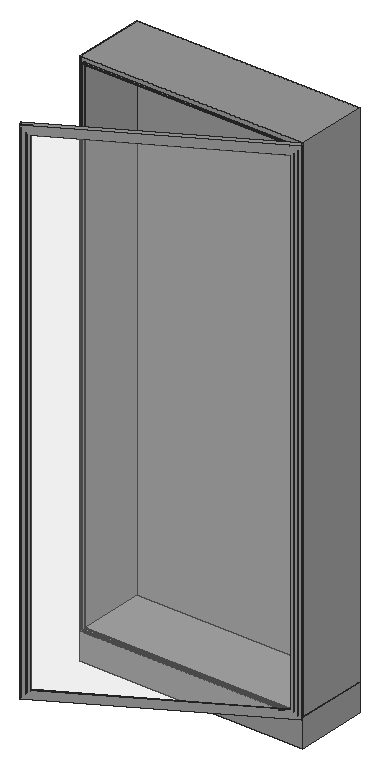
Revit family "Hager-Univers-IP55-D275-H1950-Cl.I-Steel_encl-NoHosted-CH-it", category Electrical Equipment, Revit 2020
Family settings
  Panel Configuration = Two Columns, Circuits Across
  Round Connector Dimension = Use Diameter
  Part Type = Panelboard
  Work Plane-Based = Yes
  Always vertical = Yes
  Cut with Voids When Loaded = No
  Shared = No
  Room Calculation Point = No
Parameters (values of type "montaggio a pavimento IP55 L800 A1950 P275  - FR23K1")
  Width Control [instance] = if([EF000008 - Larghezza] > Min Width, [EF000008 - Larghezza], Min Width)  # 800 mm
  Type Comments = [HG000003 - Gamma]  # "Univers"
  Thickness Door [instance] = if([EF009171 - spessore materiale porta/coperchio] > 3 mm, 3 mm, [EF009171 - spessore materiale porta/coperchio])  # 1.5 mm
  Seal Frame Offset [instance] = 17 mm  # constant formula
  Plinth Visibility [instance] = [HG000027 - Altezza dello zoccolo] > 0 mm  # yes
  Min Width [instance] = 100 mm  # constant formula
  Min Depth [instance] = (2 * [EF009170 - spessore materiale scatola]) + 1 mm  # 4 mm
  Min Height [instance] = 100 mm  # constant formula
  Internal Frame Depth [instance] = (Door System Depth * 0.5)  # 9 mm
  Panel Name [instance] = ""  # (empty or 0)
  Model = ""
  HG000027 - Altezza dello zoccolo = 100 mm
  HG000026 - A pavimento = yes
  HG000024 - Altezza della sezione inferiore = 600 mm
  HG000023 - Custodia a doppia sezione = no
  HG000016 - Visibilità delle porte nella vista 3D [instance] = yes
  HG000015 - Visibilità attraverso la porta [instance] = no
  HG000014 - Porta destra [instance] = yes
  HG000013 - Porta sinistra [instance] = not([HG000014 - Porta destra])  # no
  HG000012 - Angolo di apertura della porta [instance] = 30.00°
  HG000010 - Porte asimmetriche = no
  HG000009 - Porta doppia a battente = no
  HG000006 - Ad incasso = no
  HG000004 - Codice produttore = "FR23K1"
  HG000003 - Gamma = "Univers"
  HG000002 - Con porta = yes
  Frame Offset Bottom [instance] = 10 mm  # constant formula
  Frame Offset [instance] = 15 mm  # constant formula
  EF015940 - Coprire con rilascio di sovrapressione = no
  EF011959 - tipo di protezione (NEMA) = ""
  EF009554 - numero delle aperture per la piastra della flangia = 6
  EF009212 - esecuzione coperchio = "EV000116 - chiuso"
  EF009171 - spessore materiale porta/coperchio = 1.5 mm
  EF009170 - spessore materiale scatola = 1.5 mm
  EF008873 - corrente nominale (In) = 800 A
  EF007800 - adatto per parafulmine = no
  EF006306 - con serratura = no
  EF006244 - coperchio/porta trasparente = yes
  EF005474 - grado di protezione (IP) = "EV006420 - IP55"
  EF004464 - tipo di porta = "EV002646 - singolo"
  EF004427 - numero di moduli = 432
  EF004293 - resistenza agli urti = "EV008784 - IK10"
  EF003532 - adatto per uso esterno = no
  EF002950 - Numero moduli DIN = 24
  EF001613 - Integrità del circuito = "EV000494 - senza"
  EF001596 - Attacco Lampada = "EV000179 - acciaio"
  EF001131 - profondità interna = 275 mm
  EF001088 - possibilità di applicazione = yes
  EF000437 - numero di ingressi per conduttori = 6
  EF000339 - tipo di copertura = "EV004216 - porta"
  EF000266 - numero di file = 12
  EF000218 - profondità di incasso = 0 mm
  EF000118 - con piastra di montaggio = no
  EF000116 - numero RAL = "7035"
  EF000049 - profondità = 275 mm
  EF000040 - Altezza = 1950 mm
  EF000008 - Larghezza = 800 mm
  EF000007 - colore = "EV000270 - grigio"
  EF000003 - Tipo di montaggio = "EV012274 - montaggio a pavimento"
  Door System Leaf Tolerance [instance] = 1.5 mm  # constant formula
  Door System Depth [instance] = 18 mm  # constant formula
  Door Height [instance] = Height Control - [HG000027 - Altezza dello zoccolo]  # 1850 mm
  Description = ""
  Default Elevation = 1219.2 mm
  Connector Offset [instance] = Height Control / 2  # 975 mm
  Manufacturer = "Hager"  # constant formula
  Height Control [instance] = if([EF000040 - Altezza] > Min Height, [EF000040 - Altezza], Min Height)  # 1950 mm
  Depth Control [instance] = if([EF000049 - profondità] > Min Depth, [EF000049 - profondità], Min Depth)  # 275 mm
  Bottom Top Plate Trim [instance] = 1.5 mm  # constant formula
  Plinth height Ctrl [instance] = if([HG000027 - Altezza dello zoccolo] > 0 mm, [HG000027 - Altezza dello zoccolo], 12 mm)  # 100 mm
Types (11, lengths in mm): name | Width Control | HG000010 - Porte asimmetriche | HG000009 - Porta doppia a battente | HG000004 - Codice produttore | EF009554 - numero delle aperture per la piastra della flangia | EF006244 - coperchio/porta trasparente | EF004464 - tipo di porta | EF004427 - numero di moduli | EF000437 - numero di ingressi per conduttori | EF000008 - Larghezza
  montaggio a pavimento IP55 L1050 A1950 P275  - FR24E1 | 1050 | yes | yes | "FR24E1" | 8 | no | "EV003602 - doppio" | 576 | 8 | 1050
  montaggio a pavimento IP55 L1050 A1950 P275  - FR24K1 | 1050 | yes | yes | "FR24K1" | 8 | yes | "EV003602 - doppio" | 576 | 8 | 1050
  montaggio a pavimento IP55 L1300 A1950 P275  - FR25E1 | 1300 | yes | yes | "FR25E1" | 10 | no | "EV003602 - doppio" | 720 | 10 | 1300
  montaggio a pavimento IP55 L1300 A1950 P275  - FR25K1 | 1300 | yes | yes | "FR25K1" | 10 | yes | "EV003602 - doppio" | 720 | 10 | 1300
  montaggio a pavimento IP55 L1550 A1950 P275  - FR26E1 | 1550 | yes | yes | "FR26E1" | 12 | no | "EV003602 - doppio" | 864 | 12 | 1550
  montaggio a pavimento IP55 L1550 A1950 P275  - FR26K1 | 1550 | yes | yes | "FR26K1" | 12 | yes | "EV003602 - doppio" | 864 | 12 | 1550
  montaggio a pavimento IP55 L300 A1950 P275  - FR21E1 | 300 | no | no | "FR21E1" | 2 | no | "EV002646 - singolo" | 144 | 2 | 300
  montaggio a pavimento IP55 L550 A1950 P275  - FR22E1 | 550 | no | no | "FR22E1" | 4 | no | "EV002646 - singolo" | 288 | 4 | 550
  montaggio a pavimento IP55 L550 A1950 P275  - FR22K1 | 550 | no | no | "FR22K1" | 4 | yes | "EV002646 - singolo" | 288 | 4 | 550
  montaggio a pavimento IP55 L800 A1950 P275  - FR23E1 | 800 | no | no | "FR23E1" | 6 | no | "EV002646 - singolo" | 432 | 6 | 800
  montaggio a pavimento IP55 L800 A1950 P275  - FR23K1 | 800 | no | no | "FR23K1" | 6 | yes | "EV002646 - singolo" | 432 | 6 | 800
Reference planes
  plane 1 "Center (Front/Back)": y = 0
  plane 2: z = 0
  plane 3 "Center (Left/Right)": x = 0
  plane 4: y = 0
  plane 5: y = 0
  plane 6: z = 0
  plane 7: x = -400
  plane 8: x = 400
  plane 9: x = 398.5
  plane 10: x = -398.5
  plane 11: z = 100
  plane 12: z = 101.5
  plane 13: y = -275
  plane 14: y = -1.5
  plane 15: x = 0
  plane 16: y = -257
  plane 17: y = -273.5
  plane 18: y = -255.5
  plane 19: x = -383.5
  plane 20: x = 383.5
  plane 21: z = 111.5
  plane 22: x = -383
  plane 23: x = 383
  plane 24: z = 100
  plane 25: z = 1950
  plane 26: z = 1950
  plane 27: z = 1933.5
  plane 28: z = 1948.5
Forms (mm)
  Extrusion 1, solid, material "Hager_Steel_RAL7035_Light_Grey", detail levels medium+fine
    sketch origin (-208.679, -4572, 100) x (-1, 0, 0) y (0, -1, 0)
      loop
        line (191.321, -4315) -> (-608.679, -4315) -> (-608.679, -4572) -> (191.321, -4572) -> (191.321, -4315)
    from 0 to 1850
  Extrusion 2, void
    sketch origin (-350.771, -275, 1219.2) x (1, 0, 0) y (0, 0, 1)
      loop
        line (-47.729, 729.3) -> (-47.729, -1117.7) -> (749.271, -1117.7) -> (749.271, 729.3) -> (-47.729, 729.3)
    from -19.5 to -273.5
  Extrusion 3, void
    sketch origin (-290.084, -257, 1219.2) x (1, 0, 0) y (0, 0, 1)
      loop
        line (-93.416, -1107.7) -> (673.584, -1107.7) -> (673.584, 714.3) -> (-93.416, 714.3) -> (-93.416, -1107.7)
    from 0 to -1.5
  Extrusion 4, solid, material "Hager_Steel_RAL7035_Light_Grey", visible <- "Plinth Visibility", detail levels medium+fine
    sketch origin (0, 0, 0) x (1, 0, 0) y (0, 1, 0)
      loop
        line (-400, 0) -> (-400, -257) -> (400, -257) -> (400, 0) -> (-400, 0)
    from 0 to 100 <- "Plinth height Ctrl"
  Extrusion 5, solid, material "Hager_Steel_RAL7035_Light_Grey", detail levels coarse
    sketch origin (0, 0, 0) x (1, 0, 0) y (0, 1, 0)
      loop
        line (-400, 0) -> (-400, -275) -> (400, -275) -> (400, 0) -> (-400, 0)
    from 0 to 1950 <- "Height Control"
  Sweep 6, void
    path in 3D
      loop
        line (-400, -257, 100) -> (400, -257, 100) -> (400, 0, 100) -> (-400, 0, 100) -> (-400, -257, 100)
    profile origin (-400, -128.5, 100) x (1, 0, 0) y (0, 0, 1)
      loop
        line (0, 0) -> (0, -1.5) -> (1.5, -1.5)
        arc (1.5, -1.5) -> (1.061, -0.439) -> (0, 0) r 1.5
  Extrusion 7, solid, material "Hager_Steel_RAL7035_Light_Grey", detail levels fine
    sketch origin (-400, -257, 100) x (1, 0, 0) y (0, 0, 1)
      loop
        line (16.5, 11.5) -> (783.5, 11.5) -> (783.5, 1833.5) -> (16.5, 1833.5) -> (16.5, 11.5)
      loop
        line (15, 10) -> (785, 10) -> (785, 1835) -> (15, 1835) -> (15, 10)
    from 0 to 9 <- "Internal Frame Depth"
Cuts and joins
  Extrusion 2, Extrusion 3 cuts Extrusion 1
  Sweep 6 cuts Extrusion 4
Lines and regions (mm)
  Masking region 1
    outline origin (0, 0, 0) x (1, 0, 0) y (0, 1, 0)
      loop
        line (-400, 0) -> (-400, -275) -> (400, -275) -> (400, 0) -> (-400, 0)
  Masking region 2, detail levels coarse
    outline origin (-290.084, -257, 1219.2) x (-1, 0, 0) y (0, 0, 1)
      loop
        line (-690.084, -1219.2) -> (109.916, -1219.2) -> (109.916, 730.8) -> (-690.084, 730.8) -> (-690.084, -1219.2)
  Masking region 3, detail levels coarse
    outline origin (0, 0, 0) x (0, 1, 0) y (0, 0, 1)
      loop
        line (0, 0) -> (0, 1950) -> (-275, 1950) -> (-275, 0) -> (0, 0)
  Masking region 4, visible <- "Plinth Visibility", detail levels medium+fine
    outline origin (0, 0, 0) x (0, 1, 0) y (0, 0, 1)
      loop
        line (-1.5, 100) -> (-255.5, 100)
        arc (-255.5, 100) -> (-255.939, 98.939) -> (-257, 98.5) r 1.5
        line (-257, 98.5) -> (-257, 0) -> (0, 0) -> (0, 98.5)
        arc (0, 98.5) -> (-1.061, 98.939) -> (-1.5, 100) r 1.5
  Masking region 5, detail levels medium+fine
    outline origin (0, 0, 594.038) x (0, 1, 0) y (0, 0, 1)
      loop
        line (0, -494.038) -> (0, 1355.962) -> (-257, 1355.962) -> (-257, -494.038) -> (0, -494.038)
  Masking region 6, detail levels medium+fine
    outline origin (-359.7, -257, 1211.883) x (-1, 0, 0) y (0, 0, 1)
      loop
        line (-759.7, -1111.883) -> (40.3, -1111.883) -> (40.3, 738.117) -> (-759.7, 738.117) -> (-759.7, -1111.883)
  Masking region 7, visible <- "Plinth Visibility", detail levels medium+fine
    outline origin (-320.334, -257, 1041.368) x (-1, 0, 0) y (0, 0, 1)
      loop
        line (-720.334, -1041.368) -> (79.666, -1041.368) -> (79.666, -942.868)
        arc (79.666, -942.868) -> (78.606, -942.429) -> (78.166, -941.368) r 1.5
        line (78.166, -941.368) -> (-718.834, -941.368)
        arc (-718.834, -941.368) -> (-719.273, -942.429) -> (-720.334, -942.868) r 1.5
        line (-720.334, -942.868) -> (-720.334, -1041.368)
  sketch lines
    curve 1: line (-400, 0, 100) -> (-400, -257, 100)
    curve 2: line (-400, -257, 100) -> (400, -257, 100)
    curve 3: line (400, 0, 100) -> (-400, 0, 100)
    curve 4: line (400, -257, 100) -> (400, 0, 100)
Dimensions and locks
  locked: plane 1 "Center (Front/Back)" to plane 5
  "EF009170 - spessore materiale scatola": plane 7 to plane 10
  "EF009170 - spessore materiale scatola": plane 8 to plane 9
  equal spacing: plane 7, plane 3 "Center (Left/Right)", plane 8
  "Width Control": plane 7 to plane 8
  "Depth Control": plane 4 to plane 13
  "EF009170 - spessore materiale scatola": plane 4 to plane 14
  "Height Control": plane 25 to level
  "HG000027 - Altezza dello zoccolo": plane 11 to level
  "EF009170 - spessore materiale scatola": plane 12 to plane 11
  "EF009170 - spessore materiale scatola": plane 17 to plane 13
  "EF009170 - spessore materiale scatola": plane 18 to plane 16
  "Frame Offset Bottom": plane 21 to plane 12
  "Frame Offset": plane 10 to plane 19
  "Frame Offset": plane 9 to plane 20
  "Door System Depth": plane 16 to plane 13
  "Seal Frame Offset": plane 7 to plane 22
  "Seal Frame Offset": plane 8 to plane 23
  "EF009170 - spessore materiale scatola": plane 26 to plane 28
  "Frame Offset": plane 28 to plane 27
  "Connector Offset": plane 2 to connector elem
  "Bottom Top Plate Trim": profile plane to Sweep 6 sketch curve
  "Bottom Top Plate Trim": Sweep 6 sketch curve to Sweep 6 sketch curve
  "Plinth height Ctrl": Masking region 4 sketch curve to level
  "Plinth height Ctrl": Masking region 7 sketch curve to level
  "Thickness Door": Extrusion 7 sketch curve to Extrusion 7 sketch curve  (x4)
  "Bottom Top Plate Trim": radius of Sweep 6 sketch curve
  "Bottom Top Plate Trim": radius of Masking region 4 sketch curve  (x2)
  "Bottom Top Plate Trim": radius of Masking region 7 sketch curve  (x2)
  aligned and locked: Extrusion 2 sketch curve to plane 12
  aligned and locked: Extrusion 2 sketch curve to plane 9
  aligned and locked: Extrusion 2 sketch curve to plane 10
  aligned and locked: Extrusion 2 to plane 14
  aligned and locked: Extrusion 1 sketch curve to plane 4
  aligned and locked: plane 8 to Extrusion 1 sketch curve
  aligned and locked: plane 7 to Extrusion 1 sketch curve
  aligned and locked: Extrusion 2 to plane 18
  aligned and locked: Extrusion 3 sketch curve to plane 19
  aligned and locked: plane 20 to Extrusion 3 sketch curve
  aligned and locked: Extrusion 3 to Extrusion 2
  aligned and locked: Extrusion 3 sketch curve to plane 21
  aligned and locked: plane 3 "Center (Left/Right)" to nested 1
  aligned and locked: Extrusion 1 sketch curve to plane 16
  aligned and locked: Extrusion 4 sketch curve to cut or joined group of Extrusion 1, Extrusion 2, Extrusion 3
  aligned and locked: Masking region 1 sketch curve to plane 7
  aligned and locked: Masking region 1 sketch curve to plane 5
  aligned and locked: Masking region 1 sketch curve to plane 8
  aligned and locked: Masking region 2 sketch curve to level
  aligned and locked: level to Masking region 3 sketch curve
  aligned and locked: plane 1 "Center (Front/Back)" to Masking region 3 sketch curve
  aligned and locked: plane 13 to Masking region 3 sketch curve
  aligned and locked: plane 5 to Masking region 4 sketch curve
  aligned and locked: Masking region 2 sketch curve to plane 8
  aligned and locked: Masking region 2 sketch curve to plane 7
  aligned and locked: plane 7 to nested 2
  aligned and locked: nested 2 to plane 5
  aligned and locked: plane 5 to Masking region 5 sketch curve
  aligned and locked: plane 26 to Masking region 5 sketch curve
  aligned and locked: Extrusion 5 sketch curve to plane 8
  aligned and locked: Extrusion 5 sketch curve to plane 7
  aligned and locked: Extrusion 5 sketch curve to plane 5
  aligned and locked: Extrusion 3 sketch curve to plane 27
  aligned and locked: Extrusion 2 sketch curve to plane 28
  aligned and locked: Masking region 2 to plane 25
  aligned and locked: Extrusion 4 to plane 16
  aligned and locked: profile plane to Sweep 6 sketch curve
  aligned and locked: Masking region 5 sketch curve to plane 24
  aligned and locked: level to Masking region 4 sketch curve
  aligned and locked: Masking region 1 to plane 13
  aligned and locked: nested 1 to plane 16
  aligned and locked: Masking region 3 to plane 25
  aligned and locked: plane 16 to Masking region 4 sketch curve
  aligned and locked: Masking region 5 sketch curve to plane 16
  aligned and locked: plane 24 to plane 11
  aligned and locked: plane 26 to plane 25
  aligned and locked: plane 26 to cut or joined group of Extrusion 1, Extrusion 2, Extrusion 3
  aligned and locked: nested 1 to plane 24
  aligned and locked: Extrusion 1 to Extrusion 3
  aligned and locked: Masking region 6 sketch curve to plane 8
  aligned and locked: Masking region 6 sketch curve to plane 24
  aligned and locked: Masking region 6 sketch curve to plane 7
  aligned and locked: Masking region 6 sketch curve to plane 26
  aligned and locked: Masking region 7 sketch curve to plane 7
  aligned and locked: level to Masking region 7 sketch curve
  aligned and locked: Masking region 7 sketch curve to plane 8
  aligned and locked: Extrusion 7 sketch curve to cut or joined group of Extrusion 1, Extrusion 2, Extrusion 3  (x4)
Automatic sketch dimensions
  plane 19 to Extrusion 3 sketch curve = 0 mm
  Extrusion 3 sketch curve to plane 20 = 0 mm
  Extrusion 3 sketch curve to plane 21 = 0 mm
  Extrusion 4 sketch curve to plane 7 = 0 mm
  Extrusion 4 sketch curve to plane 8 = 0 mm
  Extrusion 4 sketch curve to plane 16 = 0 mm
  Masking region 1 sketch curve to plane 13 = 0 mm
  Masking region 2 sketch curve to plane 25 = 0 mm
  Masking region 3 sketch curve to plane 25 = 0 mm
  Extrusion 5 sketch curve to plane 13 = 0 mm
  profile plane to Sweep 6 sketch curve = 0 mm
Nested families
  nested 1: "EC000058_Univers_Door" at (0, -257, 100), Double <- "HG000009 - Porta doppia a battente", Transparent <- "EF006244 - coperchio/porta trasparente", Angle <- "HG000012 - Angolo di apertura della porta", Door_Right <- "HG000014 - Porta destra", Assymetrical <- "HG000010 - Porte asimmetriche", Door <- "HG000002 - Con porta", Width_Ctrl <- "Width Control", 3d_Door <- "HG000016 - Visibilità delle porte nella vista 3D", Clearance <- "HG000015 - Visibilità attraverso la porta", Door_Left <- "HG000013 - Porta sinistra", Width <- "Width Control", Door_Depth <- "Door System Depth", Leaf_Tolerance <- "Door System Leaf Tolerance", Height <- "Door Height", Lock_Visibility <- "EF006306 - con serratura", Thickness <- "Thickness Door", type "EC000058_Univers_Door", detail levels medium+fine
    with min_wh 4 mm, Width_Ctrl 800 mm, Width 800 mm, Transparent yes, Thickness 1.5 mm, Seal_Material Hager_Rubber, Lock_Visibility no, Lock_Material Hager_Plastic_RAL9005_Jet_Black, Leaf_Width 800 mm, Leaf_Tolerance_External_Sides 0 mm, Leaf_Tolerance 1.5 mm, Leaf_Offset 0 mm, Leaf_Height 1847 mm, Leaf_2_Width 800 mm, Leaf_2_Offset 400 mm, Leaf_1_Width 800 mm, Leaf_1_Offset 400 mm, Height_Ctrl 1850 mm, Height 1850 mm, Glass_Material Hager_Glass, Double_Clearance_Ctrl no, Double no, Door_Right_Ctrl yes, Door_Right yes, Door_Material Hager_Steel_RAL7035_Light_Grey, Door_Left_Ctrl no, Door_Left no, Door_Depth 18 mm, Door yes, Clearance_Material Hager_Clearance, Clearance_Depth 800 mm, Clearance_Ctrl no, Clearance no, Assymetrical no, Angle 30.00°, 3d_Door yes
  nested 2: "Hager_Enclosure_Symbol" at (-400, 0, 0), Height <- "Depth Control", Width <- "Width Control", type "Hager_Enclosure_Symbol"
    with Width_Ctrl 800 mm, Width 800 mm, Height_Ctrl 275 mm, Height 275 mm, A_Width_Int 18.047 mm, A_Width 216.562 mm, A_Height_Ctrl 240.625 mm, A_Height 240.625 mm
Connectors
  electrical at (0, 0, 975)
    settings: on plane 1 "Center (Front/Back)", index 1, voltage 0 V, apparent load 0 VA, apparent load phase1 0 VA, apparent load phase2 0 VA, apparent load phase3 0 VA, power factor 1, load classification "Other", number of poles 1, system type 30, power factor state 1, is connector primary yes, connector utility no, sub classification motor no, connector description ""
Definition of nested family "EC000058_Univers_Door"
  Parameters (values of type "EC000058_Univers_Door")
    min_wh [instance] = (2 * Thickness) + 1 mm  # 11 mm
    Width_Ctrl [instance] = 400 mm
    Width [instance] = 500 mm
    Transparent [instance] = yes
    Thickness [instance] = 5 mm
    Seal_Material [instance] = none
    Lock_Visibility [instance] = yes
    Lock_Material [instance] = none
    Leaf_Width [instance] = if((Width_Ctrl - 2 * Leaf_Tolerance_External_Sides) > 0 mm, (Width_Ctrl - 2 * Leaf_Tolerance_External_Sides), min_wh)  # 400 mm
    Leaf_Tolerance_External_Sides [instance] = 0 mm  # constant formula
    Leaf_Tolerance [instance] = 1.5 mm
    Leaf_Offset [instance] = 0 mm  # constant formula
    Leaf_Height [instance] = if((Height_Ctrl - 2 * Leaf_Tolerance) > 0 mm, (Height_Ctrl - 2 * Leaf_Tolerance), min_wh)  # 497 mm
    Leaf_2_Width [instance] = if(and(and(Double, Assymetrical), Door_Left), (Leaf_Width / 3) - (Leaf_Tolerance / 2), if(and(and(Double, Assymetrical), Door_Right), (Leaf_Width / 3) * 2 - (Leaf_Tolerance / 2), if(and(Double, not(Assymetrical)), (Leaf_Width / 2) - Leaf_Tolerance, Leaf_Width)))  # 400 mm
    Leaf_2_Offset [instance] = if(and(Double, Assymetrical), Leaf_2_Width / 2, if(and(Double, not(Assymetrical)), Leaf_Width / 4, Leaf_Width / 2))  # 200 mm
    Leaf_1_Width [instance] = if(and(and(Double, Assymetrical), Door_Right), (Leaf_Width / 3) - (Leaf_Tolerance / 2), if(and(and(Double, Assymetrical), Door_Left), (Width / 3) * 2 - (Leaf_Tolerance / 2), if(and(Double, not(Assymetrical)), (Leaf_Width / 2) - Leaf_Tolerance, Leaf_Width)))  # 400 mm
    Leaf_1_Offset [instance] = if(and(Double, Assymetrical), Leaf_1_Width / 2, if(and(Double, not(Assymetrical)), Leaf_Width / 4, Leaf_Width / 2))  # 200 mm
    Height_Ctrl [instance] = if(Height > min_wh, Height, min_wh)  # 500 mm
    Height [instance] = 500 mm
    Glass_Material [instance] = none
    Double_Clearance_Ctrl [instance] = and(Double, Clearance)  # no
    Double [instance] = no
    Door_Right_Ctrl [instance] = and(or(Door_Right, Double), Door)  # yes
    Door_Right [instance] = yes
    Door_Material [instance] = none
    Door_Left_Ctrl [instance] = and(or(Door_Left, Double), Door)  # no
    Door_Left [instance] = no
    Door_Depth [instance] = 30 mm
    Door [instance] = yes
    Default Elevation = 1219.2 mm
    Clearance_Material [instance] = none
    Clearance_Depth [instance] = if(Leaf_1_Width > Leaf_2_Width, Leaf_1_Width, Leaf_2_Width)  # 400 mm
    Clearance_Ctrl [instance] = and(not(Double), Clearance)  # yes
    Clearance [instance] = yes
    Assymetrical [instance] = yes
    Angle [instance] = 30.00°
    3d_Door [instance] = yes
  Reference planes
    plane 1 "Center (Front/Back)": y = 0
    plane 2 "Bottom": z = 0
    plane 3 "Center (Left/Right)": x = 0
    plane 4: z = 500
    plane 5: x = -200
    plane 6: x = 200
    plane 7: z = 500
    plane 8: x = -200
    plane 9: z = 0
    plane 10: x = 200
    plane 11: y = 0
    plane 12: z = 1.5
    plane 13: x = -600
    plane 14: y = -400
    plane 15: x = 600
    plane 16: x = 0
    plane 17: x = 0
    plane 18: x = -200
    plane 19: x = 200
    plane 20: z = 498.5
  Forms (mm)
    Extrusion 1, solid, material <- "Clearance_Material", visible <- "Double_Clearance_Ctrl"
      sketch origin (1200, 0, 0) x (1, 0, 0) y (0, 0, -1)
        loop
          line (-1800, -498.5) -> (-600, -498.5) -> (-600, 0) -> (-1800, 0) -> (-1800, -498.5)
      from 0 to -400
  Dimensions and locks
    equal spacing: plane 5, plane 3 "Center (Left/Right)", plane 6
    "Width_Ctrl": plane 5 to plane 6
    "Leaf_Offset": plane 5 to plane 8
    "Leaf_Offset": plane 6 to plane 10
    "Leaf_Offset": plane 9 to level
    "Leaf_Offset": plane 4 to plane 7
    "Height_Ctrl": plane 4 to level
    "Leaf_Tolerance": plane 12 to plane 9
    locked: plane 11 to plane 1 "Center (Front/Back)"
    "Leaf_1_Offset": plane 18 to plane 16
    "Leaf_2_Offset": plane 17 to plane 19
    "Leaf_1_Width": plane 13 to plane 8
    "Leaf_2_Width": plane 10 to plane 15
    "Clearance_Depth": plane 14 to plane 1 "Center (Front/Back)"
    "Leaf_Tolerance_External_Sides": plane 8 to plane 18
    "Leaf_Tolerance_External_Sides": plane 19 to plane 10
    "Leaf_Tolerance": plane 7 to plane 20
    aligned and locked: level to plane 2 "Bottom"
    aligned and locked: nested 1 to plane 16
    aligned and locked: nested 2 to plane 17
    aligned and locked: Extrusion 1 to plane 13
    aligned and locked: plane 15 to Extrusion 1
    aligned and locked: Extrusion 1 to plane 14
    aligned and locked: plane 12 to nested 1
    aligned and locked: nested 2 to plane 12
    aligned and locked: Extrusion 1 to plane 11
    aligned and locked: plane 20 to Extrusion 1
    aligned and locked: nested 2 to plane 11
    aligned and locked: nested 1 to plane 11
  Automatic sketch dimensions
    Extrusion 1 sketch curve to level = 0 mm
    plane 5 to Extrusion 1 sketch curve = 400 mm
    plane 6 to Extrusion 1 sketch curve = 400 mm
    Extrusion 1 sketch curve to plane 4 = 1.5 mm
  Nested families
    nested 1: "EC000058_Univers_Door_Leaf" at (0, 0, 1.5), Width <- "Leaf_1_Width", visible <- "Door_Left_Ctrl", Leaf_Height <- "Leaf_Height", Angle <- "Angle", 3d_Door <- "3d_Door", Transparent <- "Transparent", Clearance Material <- "Clearance_Material", Clearance <- "Clearance_Ctrl", Door_Material <- "Door_Material", Glass_Material <- "Glass_Material", Door_Depth <- "Door_Depth", Lock_Material <- "Lock_Material", Seal_Material <- "Seal_Material", Lock_Visibility <- "Lock_Visibility", Thickness <- "Thickness", type "EC000058_Univers_Door_Leaf"
      with Width 400 mm, Transparent_Glass_Offset 30 mm, Transparent_Ctrl yes, Transparent yes, Thickness 5 mm, Standard no, Seal_Material none, Seal_D2 8 mm, Seal_D1 1 mm, Offset_Internal_Frame 10 mm, Lock_Width 20 mm, Lock_Visibility_3d yes, Lock_Visibility yes, Lock_Thickness_3 3 mm, Lock_Thickness_2 1 mm, Lock_Thickness_1 3 mm, Lock_Radius_Offset_2 16 mm, Lock_Radius_Offset_1 15 mm, Lock_Radius_2 5 mm, Lock_Radius 6 mm, Lock_Offset 5 mm, Lock_Material none, Lock_Height 80 mm, Lock_Cover_Top_Offset_2d 17 mm, Lock_Cover_Height -65 mm, Leaf_Height 497 mm, Internal_Seal_Thickness 8 mm, Internal_Seal_Depth_2 4.5 mm, Internal_Frame_Depth 25 mm, Glass_Thickness -1 mm, Glass_Offset -2 mm, Glass_Material none, Door_Material none, Door_Depth 30 mm, Clearance Material none, Clearance yes, Angle_Ctrl 30.00°, Angle 30.00°, 3d_Door yes
    nested 2: "EC000058_Univers_Door_Leaf" at (0, 0, 1.5) x (-1, 0, 0) z (0, 0, 1), Width <- "Leaf_2_Width", visible <- "Door_Right_Ctrl", Leaf_Height <- "Leaf_Height", Angle <- "Angle", 3d_Door <- "3d_Door", Transparent <- "Transparent", Clearance Material <- "Clearance_Material", Clearance <- "Clearance_Ctrl", Door_Material <- "Door_Material", Glass_Material <- "Glass_Material", Door_Depth <- "Door_Depth", Lock_Material <- "Lock_Material", Seal_Material <- "Seal_Material", Lock_Visibility <- "Lock_Visibility", Thickness <- "Thickness", type "EC000058_Univers_Door_Leaf"
      with Width 400 mm, Transparent_Glass_Offset 30 mm, Transparent_Ctrl yes, Transparent yes, Thickness 5 mm, Standard no, Seal_Material none, Seal_D2 8 mm, Seal_D1 1 mm, Offset_Internal_Frame 10 mm, Lock_Width 20 mm, Lock_Visibility_3d yes, Lock_Visibility yes, Lock_Thickness_3 3 mm, Lock_Thickness_2 1 mm, Lock_Thickness_1 3 mm, Lock_Radius_Offset_2 16 mm, Lock_Radius_Offset_1 15 mm, Lock_Radius_2 5 mm, Lock_Radius 6 mm, Lock_Offset 5 mm, Lock_Material none, Lock_Height 80 mm, Lock_Cover_Top_Offset_2d 17 mm, Lock_Cover_Height -65 mm, Leaf_Height 497 mm, Internal_Seal_Thickness 8 mm, Internal_Seal_Depth_2 4.5 mm, Internal_Frame_Depth 25 mm, Glass_Thickness -1 mm, Glass_Offset -2 mm, Glass_Material none, Door_Material none, Door_Depth 30 mm, Clearance Material none, Clearance yes, Angle_Ctrl 30.00°, Angle 30.00°, 3d_Door yes
  Definition of nested family "EC000058_Univers_Door_Leaf"
    Parameters (values of type "EC000058_Univers_Door_Leaf")
      Width [instance] = 2000 mm
      Transparent_Glass_Offset [instance] = 30 mm
      Transparent_Ctrl [instance] = and(Transparent, [3d_Door])  # yes
      Transparent [instance] = yes
      Thickness [instance] = 5 mm
      Standard [instance] = and(not(Transparent), [3d_Door])  # no
      Seal_Material [instance] = none
      Seal_D2 [instance] = 8 mm  # constant formula
      Seal_D1 [instance] = 1 mm  # constant formula
      Offset_Internal_Frame [instance] = 10 mm  # constant formula
      Lock_Width [instance] = 20 mm  # constant formula
      Lock_Visibility_3d [instance] = and(Lock_Visibility, [3d_Door])  # yes
      Lock_Visibility [instance] = yes
      Lock_Thickness_3 [instance] = 3 mm  # constant formula
      Lock_Thickness_2 [instance] = 1 mm  # constant formula
      Lock_Thickness_1 [instance] = 3 mm  # constant formula
      Lock_Radius_Offset_2 [instance] = Lock_Radius_Offset_1 + 1 mm  # 16 mm
      Lock_Radius_Offset_1 [instance] = 15 mm  # constant formula
      Lock_Radius_2 [instance] = Lock_Radius - 1 mm  # 5 mm
      Lock_Radius [instance] = 6 mm  # constant formula
      Lock_Offset [instance] = 5 mm  # constant formula
      Lock_Material [instance] = none
      Lock_Height [instance] = 80 mm  # constant formula
      Lock_Cover_Top_Offset_2d [instance] = Lock_Radius_Offset_2 + 1 mm  # 17 mm
      Lock_Cover_Height [instance] = -(Lock_Height - Lock_Radius_Offset_1)  # -65 mm
      Leaf_Height [instance] = 2720.336 mm
      Internal_Seal_Thickness [instance] = 8 mm  # constant formula
      Internal_Seal_Depth_2 [instance] = 4.5 mm  # constant formula
      Internal_Frame_Depth [instance] = if(Door_Depth - Thickness > 5 mm, Door_Depth - Thickness, 5 mm)  # 25 mm
      Glass_Thickness [instance] = if(Thickness > 15 mm, Glass_Offset + 10 mm, -1 mm)  # -1 mm
      Glass_Offset [instance] = if(Thickness > 15 mm, -(Thickness + 10 mm) / 2, -2 mm)  # -2 mm
      Glass_Material [instance] = none
      Door_Material [instance] = none
      Door_Depth [instance] = 30 mm
      Default Elevation = 0 mm
      Clearance Material [instance] = none
      Clearance [instance] = yes
      Angle_Ctrl [instance] = if(Angle > 180.00°, 180.00°, Angle)  # 90.00°
      Angle [instance] = 90.00°
      3d_Door [instance] = yes
    Reference planes
      plane 1 "Center (Front/Back)": y = 0
      plane 2: z = 0
      plane 3 "Center (Left/Right)": x = 0
      plane 4: y = 2000
      plane 5: x = -1000
      plane 6: x = 1000
      plane 7: x = -3000
      plane 8: z = 2720.336
      plane 9: z = 30
      plane 10: z = 2690.336
      plane 11: x = 970
      plane 12: x = -970
      plane 13: y = -3
      plane 14: z = 107.833
      plane 15: y = -5
      plane 16: y = -223.314
      plane 17: x = -1000
      plane 18: z = 1360.168
      plane 19: y = 30
    Forms (mm)
      Extrusion 1, solid, material <- "Clearance Material", visible <- "Clearance"
        sketch origin (0, 0, 0) x (1, 0, 0) y (0, 0, 1)
          loop
            line (-3000, 2720.336) -> (-3000, 0) -> (1000, 0) -> (1000, 2720.336) -> (-3000, 2720.336)
        from 0 to -2000
      Extrusion 2, solid, material <- "Door_Material", visible <- "Standard", detail levels medium+fine
        sketch origin (-1000, 0, 0) x (0, 1, 0) y (-1, 0, 0)
          loop
            line (0, 30) -> (0, 25) -> (2000, 25) -> (2000, 30) -> (0, 30)
        from 0 to 2720.336 <- "Leaf_Height"
      Extrusion 3, solid, material <- "Door_Material", visible <- "Transparent_Ctrl", detail levels medium+fine
        sketch origin (-1000, 0, 0) x (0, 1, 0) y (-1, 0, 0)
          loop
            line (0, 25) -> (2000, 25) -> (2000, 30) -> (0, 30) -> (0, 25)
        from 0 to 2720.336 <- "Leaf_Height"
      Extrusion 4, void
        sketch origin (-1025, 2000, 0) x (0, 1, 0) y (0, 0, -1)
          loop
            line (-30, -2690.336) -> (-30, -30) -> (-1970, -30) -> (-1970, -2690.336) -> (-30, -2690.336)
        from 0 to 5 <- "Thickness"
      Sweep 5, solid, material <- "Seal_Material", visible <- "Transparent_Ctrl", detail levels fine
        path in 3D
          loop
            line (-1025, 30, 30) -> (-1025, 30, 2690.336) -> (-1025, 1970, 2690.336) -> (-1025, 1970, 30) -> (-1025, 30, 30)
        profile origin (-1025, 1000, 30) x (1, 0, 0) y (0, 0, 1)
          loop
            line (0, 0) -> (0, -8) -> (1, -8) -> (1, 0) -> (0, 0)
      Extrusion 6, solid, material <- "Glass_Material", visible <- "Transparent_Ctrl", detail levels medium+fine
        sketch origin (-1030, 0, 0) x (0, 1, 0) y (0, 0, -1)
          loop
            line (1970, -2690.336) -> (1970, -30) -> (30, -30) -> (30, -2690.336) -> (1970, -2690.336)
        from -2 <- "Glass_Offset" to -1 <- "Glass_Thickness"
      Extrusion 7, solid, material <- "Door_Material", visible <- "3d_Door", detail levels medium+fine
        sketch origin (-1025, 2000, 0) x (0, -1, 0) y (0, 0, -1)
          loop
            line (0, -2720.336) -> (2000, -2720.336) -> (2000, 0) -> (0, 0) -> (0, -2720.336)
          loop
            line (1995, -5) -> (5, -5) -> (5, -2715.336) -> (1995, -2715.336) -> (1995, -5)
        from 0 to 25 <- "Internal_Frame_Depth"
      Sweep 8, solid, material <- "Seal_Material", visible <- "Transparent_Ctrl", detail levels fine
        path in 3D
          loop
            line (-1025, 0, 0) -> (-1025, 2000, 0) -> (-1025, 2000, 2720.336) -> (-1025, 0, 2720.336) -> (-1025, 0, 0)
        profile origin (-1025, 0, 1360.168) x (1, 0, 0) y (0, 1, 0)
          loop
            line (0, 10) -> (2.975, 10)
            arc (2.975, 10) -> (4.053, 10.447) -> (4.5, 11.525) r 1.525
            line (4.5, 11.525) -> (4.5, 16.527)
            arc (4.5, 16.527) -> (4.069, 17.569) -> (3.027, 18) r 1.473
            line (3.027, 18) -> (0, 18) -> (0, 10)
      Extrusion 9, solid, material <- "Lock_Material", visible <- "Lock_Visibility_3d", detail levels fine
        sketch origin (-1030, 0, 0) x (0, 1, 0) y (0, 0, -1)
          loop
            arc (1993.5, -1400.168) -> (1994.561, -1399.729) -> (1995, -1398.668) r 1.5
            line (1995, -1398.668) -> (1995, -1320.168) -> (1975, -1320.168) -> (1975, -1398.668)
            arc (1975, -1398.668) -> (1975.439, -1399.729) -> (1976.5, -1400.168) r 1.5
            line (1976.5, -1400.168) -> (1993.5, -1400.168)
        from 3 <- "Lock_Thickness_1" to 0
      Blend 10, solid, material <- "Lock_Material", visible <- "Lock_Visibility_3d", detail levels fine
        base sketch origin (-1033, 0, 0) x (0, 1, 0) y (0, 0, -1)
          loop
            line (1975, -1320.168) -> (1975, -1398.668)
            arc (1975, -1398.668) -> (1975.439, -1399.729) -> (1976.5, -1400.168) r 1.5
            line (1976.5, -1400.168) -> (1993.5, -1400.168)
            arc (1993.5, -1400.168) -> (1994.561, -1399.729) -> (1995, -1398.668) r 1.5
            line (1995, -1398.668) -> (1995, -1320.168) -> (1975, -1320.168)
        top sketch origin (-1033, 0, 0) x (0, 1, 0) y (0, 0, -1)
          loop
            line (1976, -1320.168) -> (1976, -1398.668)
            arc (1976, -1398.668) -> (1976.146, -1399.022) -> (1976.5, -1399.168) r 0.5
            line (1976.5, -1399.168) -> (1993.5, -1399.168)
            arc (1993.5, -1399.168) -> (1993.854, -1399.022) -> (1994, -1398.668) r 0.5
            line (1994, -1398.668) -> (1994, -1320.168) -> (1976, -1320.168)
        from 0 to 1 <- "Lock_Thickness_2"
      Blend 11, solid, material <- "Lock_Material", visible <- "Lock_Visibility_3d", detail levels fine
        base sketch origin (-1034, 0, 0) x (0, 1, 0) y (0, 0, -1)
          loop
            line (1978, -1320.168) -> (1978, -1384.168)
            arc (1978, -1384.168) -> (1985, -1391.168) -> (1992, -1384.168) r 7
            line (1992, -1384.168) -> (1992, -1320.168) -> (1978, -1320.168)
        top sketch origin (-1034, 0, 0) x (0, 1, 0) y (0, 0, -1)
          loop
            line (1991, -1320.168) -> (1979, -1320.168) -> (1979, -1383.168)
            arc (1979, -1383.168) -> (1985, -1389.168) -> (1991, -1383.168) r 6
            line (1991, -1383.168) -> (1991, -1320.168)
        from 0 to 3 <- "Lock_Thickness_3"
      Extrusion 12, solid, material <- "Lock_Material", visible <- "Lock_Visibility_3d", detail levels fine
        sketch origin (-1030, 1975, 1320.168) x (1, 0, 0) y (0, -1, 0)
          loop
            line (-7, -19) -> (-7, -1) -> (0, -1) -> (0, 0) -> (-8, 0) -> (-8, -20) -> (0, -20) -> (0, -19) -> (-7, -19)
        from 0 to -65 <- "Lock_Cover_Height"
      Extrusion 13, void
        sketch origin (-1038, 1995, 1320.168) x (-1, 0, 0) y (0, 0, -1)
          loop
            line (-5, -65) -> (0, -65) -> (-5, -60) -> (-5, -65)
        from 0 to 20 <- "Lock_Width"
      Extrusion 14, void
        sketch origin (-1038, 1975, 1320.168) x (0, -1, 0) y (0, 0, -1)
          loop
            circle (-10, -15.995) r 6
          loop
            circle (-10, -15.995) r 5
        from 0 to 2
      Extrusion 15, solid, material <- "Lock_Material", visible <- "Lock_Visibility_3d", detail levels medium
        sketch origin (-1030, 0, 0) x (0, 1, 0) y (0, 0, -1)
          loop
            arc (1993.5, -1400.168) -> (1994.561, -1399.729) -> (1995, -1398.668) r 1.5
            line (1995, -1398.668) -> (1995, -1320.168) -> (1975, -1320.168) -> (1975, -1398.668)
            arc (1975, -1398.668) -> (1975.439, -1399.729) -> (1976.5, -1400.168) r 1.5
            line (1976.5, -1400.168) -> (1993.5, -1400.168)
        from 8 to 0
    Cuts and joins
      Extrusion 4 cuts Extrusion 3
      Extrusion 13, Extrusion 14 cuts Extrusion 9
      Extrusion 14 cuts Blend 11
      Extrusion 13, Extrusion 14 cuts Extrusion 12
      joined: Extrusion 9, Blend 10, Blend 11, Extrusion 12
      Extrusion 14 cuts Extrusion 15
    Lines and regions (mm)
      Masking region 1, visible <- "Lock_Visibility", detail levels fine
        outline origin (0, 0, 0) x (0, 1, 0) y (0, 0, 1)
          loop
            line (30, 1320.168) -> (33, 1320.168) -> (33, 1400.168) -> (30, 1400.168) -> (30, 1320.168)
      Masking region 2, visible <- "Lock_Visibility", detail levels fine
        outline origin (0, 3.143, 0) x (0, 1, 0) y (0, 0, 1)
          loop
            line (29.857, 1354.168) -> (30.857, 1354.168) -> (30.857, 1366.168) -> (29.857, 1366.168) -> (29.857, 1354.168)
      Masking region 3, detail levels medium+fine
        outline origin (0, 0, 0) x (0, 1, 0) y (0, 0, 1)
          loop
            line (0, 0) -> (30, 0) -> (30, 2720.336) -> (0, 2720.336) -> (0, 0)
      Masking region 4, detail levels medium+fine
        outline origin (0, 0, 0) x (1, 0, 0) y (0, 0, 1)
          loop
            line (-1000, 2720.336) -> (-1000, 0) -> (1000, 0) -> (1000, 2720.336) -> (-1000, 2720.336)
      Masking region 5, visible <- "Lock_Visibility", detail levels fine
        outline origin (-47.116, 0, 0) x (1, 0, 0) y (0, 0, 1)
          loop
            arc (1024.616, 1399.168) -> (1023.556, 1398.729) -> (1023.116, 1397.668) r 1.5
            line (1023.116, 1397.668) -> (1023.116, 1320.168) -> (1041.116, 1320.168) -> (1041.116, 1397.668)
            arc (1041.116, 1397.668) -> (1040.677, 1398.729) -> (1039.616, 1399.168) r 1.5
            line (1039.616, 1399.168) -> (1024.616, 1399.168)
      Masking region 6, visible <- "Lock_Visibility", detail levels medium+fine
        outline origin (-25, 0, 0) x (1, 0, 0) y (0, 0, 1)
          loop
            arc (1001.5, 1400.168) -> (1000.439, 1399.729) -> (1000, 1398.668) r 1.5
            line (1000, 1398.668) -> (1000, 1320.168) -> (1020, 1320.168) -> (1020, 1398.668)
            arc (1020, 1398.668) -> (1019.561, 1399.729) -> (1018.5, 1400.168) r 1.5
            line (1018.5, 1400.168) -> (1001.5, 1400.168)
      Masking region 7, visible <- "Lock_Visibility", detail levels fine
        outline origin (-73.735, 0, 0) x (1, 0, 0) y (0, 0, 1)
          loop
            line (1051.735, 1382.168) -> (1065.735, 1382.168) -> (1065.735, 1384.168)
            arc (1065.735, 1384.168) -> (1058.735, 1391.168) -> (1051.735, 1384.168) r 7
            line (1051.735, 1384.168) -> (1051.735, 1382.168)
      Masking region 8, visible <- "Lock_Visibility", detail levels fine
        outline origin (-73.735, 0, 0) x (1, 0, 0) y (0, 0, 1)
          loop
            line (1052.735, 1382.168) -> (1064.735, 1382.168) -> (1064.735, 1383.168)
            arc (1064.735, 1383.168) -> (1058.735, 1389.168) -> (1052.735, 1383.168) r 6
            line (1052.735, 1383.168) -> (1052.735, 1382.168)
      Masking region 9, visible <- "Lock_Visibility", detail levels fine
        outline origin (-25, 0, 0) x (1, 0, 0) y (0, 0, 1)
          loop
            line (1020, 1320.168) -> (1020, 1382.168) -> (1000, 1382.168) -> (1000, 1320.168) -> (1020, 1320.168)
      Masking region 10, detail levels medium+fine
        outline origin (0, 0, 0) x (1, 0, 0) y (0, 0, 1)
          loop
            circle (985, 1335.144) r 6
      Masking region 11, detail levels fine
        outline origin (0, 0, 0) x (1, 0, 0) y (0, 0, 1)
          loop
            circle (985, 1335.144) r 5
      Masking region 12, visible <- "Lock_Visibility", detail levels fine
        outline origin (0, 12.767, 0) x (0, 1, 0) y (0, 0, 1)
          loop
            line (20.233, 1320.168) -> (21.233, 1320.168) -> (21.233, 1399.168) -> (20.233, 1400.168) -> (20.233, 1320.168)
      Masking region 13, visible <- "Lock_Visibility", detail levels fine
        outline origin (0, 13.767, -10) x (0, 1, 0) y (0, 0, 1)
          loop
            line (20.233, 1330.168) -> (23.233, 1330.168) -> (23.233, 1399.168) -> (20.233, 1402.168) -> (20.233, 1330.168)
      Masking region 14, visible <- "Lock_Visibility", detail levels fine
        outline origin (0, 12.767, -10) x (0, 1, 0) y (0, 0, 1)
          loop
            line (20.233, 1330.168) -> (25.233, 1330.168) -> (25.233, 1399.305) -> (20.233, 1394.305) -> (20.233, 1330.168)
      Masking region 15, visible <- "Lock_Visibility", detail levels medium
        outline origin (0, 0, 0) x (0, 1, 0) y (0, 0, 1)
          loop
            line (30, 1320.168) -> (38, 1320.168) -> (38, 1400.168) -> (30, 1400.168) -> (30, 1320.168)
      Masking region 16, visible <- "Lock_Visibility", detail levels fine
        outline origin (-1000, 0, 0) x (0, 1, 0) y (-1, 0, 0)
          loop
            line (1975, 30) -> (1995, 30) -> (1995, 38) -> (1975, 38) -> (1975, 30)
          loop
            line (1979, 37) -> (1976, 37) -> (1976, 34) -> (1978, 34) -> (1979, 37)
          loop
            line (1994, 37) -> (1991, 37) -> (1992, 34) -> (1994, 34) -> (1994, 37)
      Masking region 17, visible <- "Lock_Visibility", detail levels medium
        outline origin (-1000, 0, 0) x (0, 1, 0) y (-1, 0, 0)
          loop
            line (1975, 30) -> (1995, 30) -> (1995, 38) -> (1975, 38) -> (1975, 30)
      symbolic lines
        curve 1: line (1000, 0, 0) -> (-3000, 0, 0)
        curve 2: arc (1000, 0, 0) -> (-1000, 2000, 0) -> (-3000, 0, 0) r 2000
        curve 4: line (-1030, 0, 0) -> (-1030, 2000, 0)
      reference lines
        curve 3: line (-1000, 0, 0) -> (-1000, 2000, 0)
      symbolic lines, detail levels medium+fine
        curve 5: line (-1030, 2000, 0) -> (-1025, 2000, 0)
        curve 7: line (-1025, 0, 0) -> (-1030, 0, 0)
        curve 8: line (-1025, 0, 0) -> (-1000, 0, 0)
        curve 9: line (-1000, 0, 0) -> (-1000, 2000, 0)
        curve 10: line (-1000, 2000, 0) -> (-1025, 2000, 0)
      symbolic lines, detail levels fine
        curve 6: line (-1025, 2000, 0) -> (-1025, 0, 0)
      sketch lines
        curve 11: line (-1025, 0, 2720.336) -> (-1025, 0, 0)
        curve 12: line (-1025, 2000, 0) -> (-1025, 0, 0)
        curve 13: line (-1025, 2000, 2720.336) -> (-1025, 2000, 0)
        curve 14: line (-1025, 0, 2720.336) -> (-1025, 2000, 2720.336)
        curve 15: line (-1025, 1970, 30) -> (-1025, 30, 30)
        curve 16: line (-1025, 30, 30) -> (-1025, 30, 2690.336)
        curve 17: line (-1025, 1970, 2690.336) -> (-1025, 1970, 30)
        curve 18: line (-1025, 30, 2690.336) -> (-1025, 1970, 2690.336)
      symbolic lines, visible <- "Transparent", detail levels medium+fine
        curve 19: line (-970, 0, 2690.336) -> (970, 0, 2690.336)
        curve 20: line (-970, 0, 30) -> (-970, 0, 2690.336)
        curve 21: line (970, 0, 30) -> (-970, 0, 30)
        curve 22: line (970, 0, 2690.336) -> (970, 0, 30)
    Dimensions and locks
      "Width": plane 1 "Center (Front/Back)" to plane 4
      equal spacing: plane 5, plane 3 "Center (Left/Right)", plane 6
      "Width": plane 5 to plane 6
      "Width": plane 7 to plane 5
      "Leaf_Height": plane 8 to level
      "Width": curve 5 to curve 3
      "Width": curve 3 to curve 3
      plane 8 to plane 10 = 30 mm
      plane 9 to level = 30 mm
      plane 12 to plane 5 = 30 mm
      plane 6 to plane 11 = 30 mm
      Extrusion 1 to Extrusion 4 sketch curve = 30 mm
      "Transparent_Glass_Offset": curve 3 to Extrusion 4 sketch curve
      "Transparent_Glass_Offset": Extrusion 4 sketch curve to cut or joined group of Extrusion 3, Extrusion 4  (x2)
      cut or joined group of Extrusion 3, Extrusion 4 to Extrusion 6 sketch curve = 30 mm
      "Transparent_Glass_Offset": cut or joined group of Extrusion 3, Extrusion 4 to Extrusion 4 sketch curve
      "Thickness": curve 6 to curve 4
      "Thickness": Extrusion 7 sketch curve to Extrusion 7 sketch curve  (x4)
      "Door_Depth": curve 4 to curve 3
      "Offset_Internal_Frame": profile plane to Sweep 8 sketch curve
      "Internal_Seal_Thickness": Sweep 8 sketch curve to Sweep 8 sketch curve
      "Internal_Seal_Depth_2": profile plane to Sweep 8 sketch curve
      "Seal_D1": profile plane to Sweep 5 sketch curve
      "Seal_D2": profile plane to Sweep 5 sketch curve
      "Thickness": Extrusion 2 sketch curve to Extrusion 2 sketch curve
      equal spacing: Extrusion 9 sketch curve, plane 18, Extrusion 9 sketch curve  (x2)
      equal spacing: Masking region 1 sketch curve, plane 18, Masking region 1 sketch curve
      "Lock_Height": Masking region 1 sketch curve to Masking region 1 sketch curve
      "Lock_Radius": Masking region 2 sketch curve to plane 18 to Masking region 2 sketch curve
      Masking region 2 sketch curve to Masking region 1 = 1 mm
      "Door_Depth": plane 19 to plane 1 "Center (Front/Back)"
      "Lock_Thickness_1": Masking region 1 sketch curve to plane 19
      "Lock_Width": Extrusion 9 sketch curve to Extrusion 9 sketch curve
      "Lock_Height": Extrusion 9 sketch curve to Extrusion 9 sketch curve
      "Lock_Offset": cut or joined group of Extrusion 3, Extrusion 4 to Extrusion 9 sketch curve
      equal spacing: plane 8, plane 18, level
      "Lock_Radius_Offset_1": Blend 11 sketch curve to Blend 10
      locked: Blend 10 to Blend 11 sketch curve at 2  (x2)
      locked: var sketch to Blend 11 sketch curve at 1  (x2)
      "Lock_Radius_Offset_2": Blend 11 sketch curve to Blend 10
      locked: Extrusion 12 sketch curve to Extrusion 12 sketch curve at 1  (x3)
      Masking region 6 sketch curve to Masking region 6 sketch curve = 80 mm
      "Lock_Height": Masking region 6 sketch curve to Masking region 6 sketch curve
      "Lock_Width": Masking region 6 sketch curve to Masking region 6 sketch curve
      locked: Masking region 6 to Masking region 5 sketch curve at 1  (x3)
      locked: Masking region 5 to Masking region 7 sketch curve at 2  (x2)
      "Lock_Radius_Offset_1": Masking region 5 to Masking region 7 sketch curve
      "Lock_Radius_Offset_2": Masking region 5 to Masking region 8 sketch curve
      locked: Masking region 7 to Masking region 8 sketch curve at 1  (x2)
      "Lock_Cover_Top_Offset_2d": Masking region 5 to Masking region 9 sketch curve
      equal spacing: Masking region 9, Masking region 10 sketch curve, Masking region 9
      equal spacing: Masking region 9, Masking region 11 sketch curve, Masking region 9
      Extrusion 15 sketch curve to Extrusion 15 sketch curve = 80 mm
      "Lock_Width": Extrusion 15 sketch curve to Extrusion 15 sketch curve
      "Lock_Height": Extrusion 15 sketch curve to Extrusion 15 sketch curve
      equal spacing: Extrusion 15 sketch curve, plane 18, Extrusion 15 sketch curve
      "Lock_Thickness_3": Masking region 13 sketch curve to Masking region 13 sketch curve
      "Lock_Height": Masking region 12 sketch curve to Masking region 12 sketch curve
      locked: Masking region 13 sketch curve to Masking region 1 at 8
      locked: Masking region 14 sketch curve to Masking region 13 at 1
      locked: Masking region 14 sketch curve to Masking region 1 at 10.863
      "Lock_Height": Masking region 15 sketch curve to Masking region 15 sketch curve
      "Lock_Offset": Extrusion 15 sketch curve to cut or joined group of Extrusion 3, Extrusion 4
      "Lock_Offset": plane 6 to Masking region 6 sketch curve
      radius of Sweep 8 sketch curve = 1.525 mm
      radius of Sweep 8 sketch curve = 1.473 mm
      radius of Extrusion 9 sketch curve = 1.5 mm  (x2)
      "Lock_Radius": radius of Extrusion 14 sketch curve
      "Lock_Radius_2": radius of Extrusion 14 sketch curve
      "Lock_Radius": radius of Masking region 10 sketch curve
      "Lock_Radius_2": radius of Masking region 11 sketch curve
      radius of Extrusion 15 sketch curve = 1.5 mm  (x2)
      "Angle_Ctrl": angle plane 1 "Center (Front/Back)" to curve 3
      locked: Masking region 12 sketch curve to Masking region 12 sketch curve (angle 45.00°)
      locked: Masking region 13 sketch curve to Masking region 13 sketch curve (angle 45.00°)
      locked: Masking region 14 sketch curve to Masking region 14 sketch curve (angle 45.00°)
      aligned and locked: level to plane 2
      aligned and locked: Extrusion 1 to curve 1
      aligned and locked: plane 6 to Extrusion 1
      aligned and locked: Extrusion 1 to plane 1 "Center (Front/Back)"
      aligned and locked: plane 4 to Extrusion 1
      aligned and locked: plane 8 to Extrusion 1
      aligned and locked: curve 7 to Extrusion 2 sketch curve
      aligned and locked: curve 5 to Extrusion 2 sketch curve
      aligned and locked: curve 7 to Extrusion 3 sketch curve
      aligned and locked: Extrusion 3 sketch curve to curve 4
      aligned and locked: Extrusion 3 sketch curve to curve 6
      aligned and locked: Extrusion 3 sketch curve to curve 5
      aligned and locked: curve 9 to curve 3
      aligned and locked: Extrusion 7 sketch curve to cut or joined group of Extrusion 3, Extrusion 4  (x4)
      aligned and locked: plane 17 to curve 3
      aligned and locked: plane 1 "Center (Front/Back)" to curve 3
      aligned and locked: plane 17 to plane 5
      aligned and locked: Sweep 8 sketch curve to profile plane
      aligned and locked: Sweep 5 sketch curve to profile plane  (x2)
      aligned and locked: Masking region 1 to Masking region 2 sketch curve
      aligned and locked: plane 19 to Masking region 1 sketch curve
      aligned and locked: plane 1 "Center (Front/Back)" to Masking region 3 sketch curve
      aligned and locked: plane 19 to Masking region 3 sketch curve
      aligned and locked: level to Masking region 3 sketch curve
      aligned and locked: Masking region 3 sketch curve to plane 8
      aligned and locked: plane 17 to Masking region 4 sketch curve
      aligned and locked: level to Masking region 4 sketch curve
      aligned and locked: Masking region 4 sketch curve to plane 8
      aligned and locked: plane 12 to curve 20
      aligned and locked: plane 10 to curve 19
      aligned and locked: plane 11 to curve 22
      aligned and locked: curve 21 to plane 9
      aligned and locked: Extrusion 2 sketch curve to cut or joined group of Extrusion 3, Extrusion 4
      aligned and locked: Blend 10 sketch curve to Extrusion 9  (x4)
      aligned and locked: Extrusion 9 to Blend 10 sketch curve
      aligned and locked: Blend 10 to Blend 11 sketch curve
      aligned and locked: Extrusion 12 sketch curve to Blend 11
      aligned and locked: Extrusion 12 sketch curve to Extrusion 9  (x4)
      aligned and locked: Masking region 5 sketch curve to Masking region 6
      aligned and locked: Masking region 9 sketch curve to Masking region 6  (x3)
      aligned and locked: Masking region 12 sketch curve to Masking region 1
      aligned and locked: Masking region 13 sketch curve to Masking region 1
      aligned and locked: Masking region 12 to Masking region 14
      aligned and locked: Masking region 14 sketch curve to Masking region 1
      aligned and locked: Masking region 15 sketch curve to Masking region 14
      aligned and locked: Masking region 13 sketch curve to Masking region 12
      aligned and locked: Masking region 16 sketch curve to cut or joined group of Extrusion 14, Extrusion 15  (x4)
      aligned and locked: Masking region 16 sketch curve to cut or joined group of Extrusion 9, Blend 10, Blend 11, Extrusion 12, Extrusion 13, Extrusion 14  (x6)
      aligned and locked: cut or joined group of Extrusion 9, Blend 10, Blend 11, Extrusion 12, Extrusion 13, Extrusion 14 to Masking region 16 sketch curve
      aligned and locked: Masking region 17 sketch curve to cut or joined group of Extrusion 14, Extrusion 15  (x3)
      aligned and locked: Masking region 17 sketch curve to cut or joined group of Extrusion 9, Blend 10, Blend 11, Extrusion 12, Extrusion 13, Extrusion 14
      aligned and locked: Masking region 9 to Masking region 8 sketch curve
      aligned and locked: Masking region 9 to Masking region 7 sketch curve
    Automatic sketch dimensions
      plane 1 "Center (Front/Back)" to curve 2 = 0 mm
      curve 2 to plane 5 = 0 mm
      Extrusion 1 sketch curve to level = 0 mm
      Extrusion 1 sketch curve to plane 7 = 0 mm
      Extrusion 1 sketch curve to plane 6 = 0 mm
      Extrusion 1 sketch curve to plane 8 = 0 mm
      Extrusion 3 to Extrusion 6 sketch curve = 30 mm  (x4)
      Masking region 4 sketch curve to plane 6 = 0 mm
      Blend 10 sketch curve to Extrusion 9 = 1.5 mm
      Blend 10 sketch curve to Extrusion 9 = 1 mm
      Extrusion 13 sketch curve to Extrusion 12 = 0 mm  (x2)
      Extrusion 12 to Extrusion 13 sketch curve = 3 mm
      Extrusion 13 sketch curve to Extrusion 12 = 5 mm
      Extrusion 14 sketch curve to Extrusion 14 sketch curve = 0 mm  (x2)
      Extrusion 14 sketch curve to Extrusion 12 = 10 mm
      Extrusion 14 sketch curve to Extrusion 12 = 15.995 mm
      Masking region 5 sketch curve to Masking region 5 sketch curve = 1.5 mm  (x2)
      Masking region 10 sketch curve to plane 18 = 25.024 mm
      Masking region 11 sketch curve to plane 18 = 25.024 mm
      plane 19 to Masking region 14 sketch curve = 3 mm
      Masking region 16 sketch curve to Masking region 16 sketch curve = 3 mm
      curve 4 to curve 3 = 0 mm
      Blend 10 to Blend 11 sketch curve = 0 mm
      Masking region 6 sketch curve to Masking region 6 sketch curve = 1.5 mm  (x2)
      Masking region 6 sketch curve to plane 18 = 40 mm
      plane 19 to Masking region 12 sketch curve = 3 mm
      Masking region 12 sketch curve to Masking region 12 sketch curve = 1 mm
      Masking region 15 sketch curve to plane 19 = 0 mm
      Masking region 15 sketch curve to plane 18 = 40 mm
      radius of Blend 10 sketch curve to Extrusion 9 = 1 mm
Definition of nested family "Hager_Enclosure_Symbol"
  Parameters (values of type "Hager_Enclosure_Symbol")
    Width_Ctrl [instance] = if(Width > 1 mm, Width, 1 mm)  # 102.27 mm
    Width [instance] = 102.27 mm
    Height_Ctrl [instance] = if(Height > 1 mm, Height, 1 mm)  # 66.5 mm
    A_Width_Int [instance] = if(A_Width / 12 > 2 mm, A_Width / 12, 2 mm)  # 4.364 mm
    A_Width [instance] = if(A_Height_Ctrl * 0.9 > 2 mm, A_Height_Ctrl * 0.9, 2 mm)  # 52.369 mm
    A_Height_Ctrl [instance] = if(A_Height > 2 mm, A_Height, 2 mm)  # 58.188 mm
    Height [instance] = 66.5 mm
    A_Height [instance] = Height - (Height / 8)  # 58.188 mm
  Reference planes
    plane 1 "Centre (avant/arrière)": y = 0
    plane 2: z = 0
    plane 3 "Centre (gauche/droite)": x = 0
    plane 4: x = 52.369
    plane 5: y = 33.042
    plane 6: y = 41.77
    plane 7: y = 66.5
    plane 8: x = 26.184
    plane 9: y = 37.406
    plane 10: x = 102.27
    plane 11: y = 66.5
    plane 12: y = 8.313
  Lines and regions (mm)
    Filled region 1, type "Solid_Black", in view "Niveau de réf."
      outline origin (0, 0, 0) x (1, 0, 0) y (0, 1, 0)
        loop
          line (52.369, 66.5) -> (33.188, 54.536) -> (45.365, 45.006) -> (52.369, 66.5)
    Filled region 2, type "Solid_Black", in view "Niveau de réf."
      outline origin (0, 0, 0) x (1, 0, 0) y (0, 1, 0)
        loop
          line (0, 0) -> (102.27, 0) -> (102.27, 66.5) -> (0, 0)
    detail lines, in view "Niveau de réf."
      curve 1: line (0, 8.313, 0) -> (26.184, 41.77, 0)
      curve 2: line (26.184, 41.77, 0) -> (26.184, 33.042, 0)
      curve 3: line (26.184, 33.042, 0) -> (52.369, 66.5, 0)
  Dimensions and locks
    "A_Width": plane 3 "Centre (gauche/droite)" to plane 4
    equal spacing: plane 3 "Centre (gauche/droite)", plane 8, plane 4
    equal spacing: plane 6, plane 9, plane 5
    equal spacing: curve 3, Filled region 1 sketch curve, Filled region 1 sketch curve
    "Height_Ctrl": plane 1 "Centre (avant/arrière)" to plane 11
    "A_Height_Ctrl": plane 11 to plane 12
    equal spacing: plane 11, plane 9, plane 12
    "A_Width_Int": plane 6 to plane 9
    "Width_Ctrl": plane 3 "Centre (gauche/droite)" to plane 10
    angle Filled region 1 sketch curve to curve 3 = 20.00°
    angle curve 3 to Filled region 1 sketch curve = 20.00°
    locked: curve 3 to Filled region 1 sketch curve (angle 90.00°)
    aligned and locked: plane 10 to Filled region 2
    aligned and locked: plane 11 to Filled region 2 sketch curve
    aligned and locked: plane 10 to Filled region 2 sketch curve
    aligned and locked: plane 3 "Centre (gauche/droite)" to curve 1
    aligned and locked: plane 12 to curve 1
    aligned and locked: plane 7 to plane 11
  Automatic sketch dimensions
    Filled region 1 sketch curve to plane 4 = 0 mm
    Filled region 1 sketch curve to plane 7 = 0 mm
    plane 1 "Centre (avant/arrière)" to Filled region 2 sketch curve = 0 mm
    Filled region 2 sketch curve to plane 3 "Centre (gauche/droite)" = 0 mm
    curve 2 to plane 6 = 0 mm
    curve 2 to plane 8 = 0 mm
    curve 3 to plane 4 = 0 mm
    curve 2 to plane 5 = 0 mm
    curve 3 to plane 7 = 0 mm
